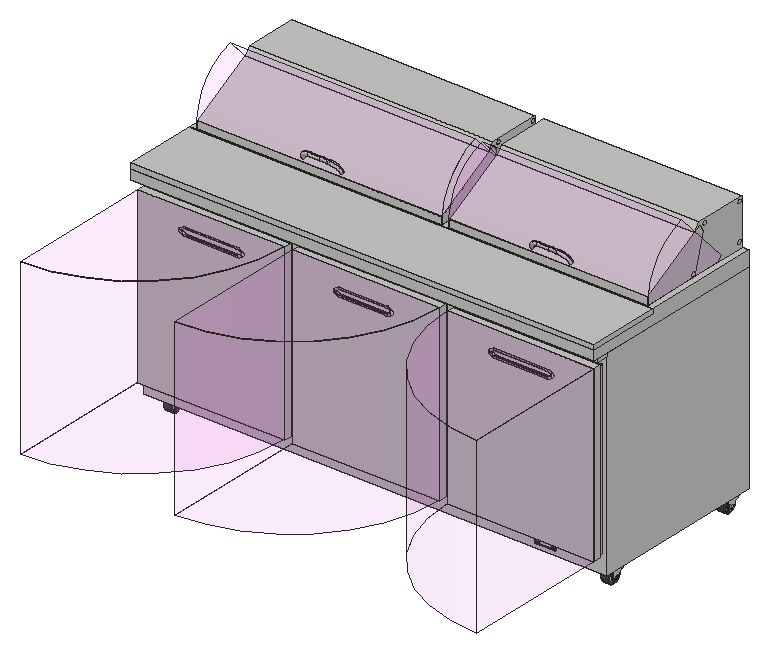
Revit family "QF_Kelvinator_738258_KCHST70.18_3-Door_Sandwich_Salad_Prep_Table_70_Long", category Specialty Equipment, Revit 2021 (continued)
Definition of nested family "KCHST"
  Automatic sketch dimensions
    curve 35 to curve 37 = 0.02957"
    curve 74 to curve 76 = 0.02957"
    curve 26 to curve 28 = 0.02957"
    curve 65 to curve 67 = 0.02957"
    plane 8 "Center X" to curve 46 = 5.19872"
    plane 8 "Center X" to curve 81 = 5.19872"
    plane 8 "Center X" to curve 94 = 5.19872"
    curve 11 to curve 94 = 0.000"
    curve 94 to curve 93 = 0.500"
    curve 11 to curve 42 = 0.500"
    curve 81 to curve 80 = 0.500"
    curve 46 to curve 55 = 0.500"
    curve 93 to curve 92 = 0.26393"
    curve 45 to curve 44 = 0.26393"
    curve 77 to curve 89 = 1.325"
    curve 77 to curve 95 = 1.325"
    curve 7 to curve 54 = 1.325"
    curve 41 to curve 95 = 0.000"
    curve 95 to curve 97 = 0.12625"
    curve 47 to curve 53 = 0.12625"
    curve 12 to curve 14 = 0.16107"
    curve 82 to curve 88 = 0.16107"
    curve 97 to curve 101 = 0.500"
    curve 84 to curve 88 = 0.500"
    curve 14 to curve 15 = 0.500"
    plane 1 "BACK" to curve 91 = 0.76178"
    plane 1 "BACK" to curve 43 = 0.76178"
    plane 1 "BACK" to curve 104 = 0.2966"
    plane 1 "BACK" to curve 87 = 0.26178"
    plane 1 "BACK" to curve 52 = 0.26178"
    plane 1 "BACK" to curve 43 = 0.26178"
    curve 36 to curve 34 = 0.000"
    curve 6 to plane 11 = 0.250"
    curve 27 to curve 28 = 0.000"
    curve 38 to plane 11 = 0.250"
    curve 112 to curve 108 = 0.000"
    curve 75 to curve 73 = 0.000"
    curve 66 to curve 67 = 0.000"
    curve 105 to plane 11 = 0.250"
    curve 111 to plane 24 = 0.0259"
    curve 8 to curve 12 = 0.57715"
    curve 78 to curve 82 = 0.57715"
    curve 8 to curve 13 = 0.14464"
    curve 78 to curve 83 = 0.14464"
    curve 78 to curve 96 = 0.14464"
    curve 8 to curve 48 = 0.14464"
    curve 49 to curve 53 = 0.500"
    curve 53 to curve 50 = 0.03482"
    curve 99 to curve 100 = 0.500"
    curve 51 to curve 52 = 0.53482"
    curve 51 to curve 56 = 0.03482"
    curve 99 to curve 104 = 0.03482"
    Extrusion 56 sketch curve to Extrusion 28 = 0.000"  (x3)
    Extrusion 56 sketch curve to Extrusion 28 = 6.53015"
    Extrusion 56 sketch curve to Extrusion 28 = 0.51243"
    Extrusion 56 sketch curve to Extrusion 28 = 8.75294"
    Extrusion 56 sketch curve to Extrusion 56 sketch curve = 4.72278"
    Extrusion 56 sketch curve to Extrusion 28 = 0.67437"
    Extrusion 55 sketch curve to Extrusion 39 = 0.000"  (x3)
    Extrusion 55 sketch curve to Extrusion 39 = 6.53015"
    Extrusion 55 sketch curve to Extrusion 39 = 0.51243"
    Extrusion 55 sketch curve to Extrusion 39 = 8.75294"
    Extrusion 55 sketch curve to Extrusion 55 sketch curve = 4.72278"
    Extrusion 55 sketch curve to Extrusion 39 = 0.67437"
    radius of Extrusion 9 sketch curve = 0.250"
    radius of Extrusion 30 sketch curve = 0.250"
    radius of Extrusion 31 sketch curve = 0.250"
    radius of Extrusion 32 sketch curve = 0.250"
    radius of Extrusion 33 sketch curve = 0.250"
    radius of Extrusion 34 sketch curve = 0.250"
    radius of Extrusion 35 sketch curve = 0.250"
    radius of Extrusion 36 sketch curve = 0.250"
    radius of Extrusion 37 sketch curve = 0.250"
    radius of Sweep 38 sketch curve = 0.250"
    radius of Extrusion 41 sketch curve = 0.250"
    radius of Extrusion 42 sketch curve = 0.250"
    radius of Extrusion 43 sketch curve = 0.250"
    radius of Extrusion 44 sketch curve = 0.250"
    radius of Extrusion 45 sketch curve = 0.250"
    radius of Extrusion 46 sketch curve = 0.250"
    radius of Extrusion 47 sketch curve = 0.250"
    radius of Extrusion 48 sketch curve = 0.250"
    radius of Sweep 49 sketch curve = 0.250"
    radius of Extrusion 50 sketch curve = 0.250"
    radius of Extrusion 51 sketch curve = 0.250"
    radius of Extrusion 52 sketch curve = 0.250"
    radius of Extrusion 53 sketch curve = 0.250"
  Nested families (in)
    nested 1: "3 INCHES 01_CASTER" at (69.732, -24.75, 0), type "3 INCHES 01_CASTER"
      with Type Mark "", Specification by User "", Revision Code "", Item Number "", Installed By "", Identify Quantity as Lot yes, Furnished By "", Foodservice Equipment Identifier yes, 3 Inches Caster yes
    nested 2: "3 INCHES 01_CASTER" at (2, -24.75, 0), type "3 INCHES 01_CASTER"
      with Type Mark "", Specification by User "", Revision Code "", Item Number "", Installed By "", Identify Quantity as Lot yes, Furnished By "", Foodservice Equipment Identifier yes, 3 Inches Caster yes
    nested 3: "3 INCHES 01_CASTER" at (69.732, -2.375, 0), type "3 INCHES 01_CASTER"
      with Type Mark "", Specification by User "", Revision Code "", Item Number "", Installed By "", Identify Quantity as Lot yes, Furnished By "", Foodservice Equipment Identifier yes, 3 Inches Caster yes
    nested 4: "3 INCHES 01_CASTER" at (2, -2.375, 0), type "3 INCHES 01_CASTER"
      with Type Mark "", Specification by User "", Revision Code "", Item Number "", Installed By "", Identify Quantity as Lot yes, Furnished By "", Foodservice Equipment Identifier yes, 3 Inches Caster yes
  Definition of nested family "3 INCHES 01_CASTER"
    Parameters (values of type "3 INCHES 01_CASTER")
      Weight = ""
      URL Manufacturer = ""
      URL Cutsheet = ""
      URL = ""
      Type Mark [instance] = ""
      Specification by User [instance] = ""
      Specification by Manufacturer = ""
      Serial Number = ""
      Seismic Rating = ""
      SMACNA No = ""
      Revision Code [instance] = ""
      Omniclass Number and Title = ""
      NAFEM Spec ID Number = ""
      Model = ""
      MasterSpec. = ""
      Manufacturer = ""
      Item Number [instance] = ""
      Installed By [instance] = ""
      Identify Quantity as Lot [instance] = yes
      Furnished By [instance] = ""
      Foodservice Equipment Identifier [instance] = yes
      Description = ""
      Default Elevation = 0.000"
      CSI MasterFormat = ""
      CSI Master Format = ""
      Assembly Code = ""
      3 Inches Caster [instance] = yes
    Reference planes (in)
      plane 1: z = 0
      plane 2 "RIGHT": x = 0
      plane 3 "FRONT": y = 0
      plane 4 "TOP": z = 3.1
    Forms (in)
      Revolve 1, solid, visible <- "3 Inches Caster"
        sketch origin (-1.93794, 0.56004, -1.0041) x (1, 0, 0) y (0, 0, 1)
          loop
            line (0.74055, 2.11347) -> (0.74055, 2.03797) -> (0.79055, 1.98797) -> (0.85055, 1.98797) -> (0.85055, 1.8679) -> (1.235, 1.8679) -> (1.235, 1.7068) -> (1.36441, 1.63209) -> (1.4003, 1.41035) -> (1.34375, 1.41035) -> (1.34375, 1.28535) -> (1.375, 1.28535) -> (1.375, 1.0041) -> (2.48438, 1.0041) -> (2.48438, 1.28535) -> (2.51563, 1.28535) -> (2.51563, 1.41035) -> (2.45908, 1.41035) -> (2.49553, 1.6356) -> (2.62438, 1.70999) -> (2.62438, 1.8679) -> (3.04007, 1.8679) -> (3.04007, 1.98797) -> (3.10007, 1.98797) -> (3.15007, 2.03797) -> (3.15007, 2.11347) -> (0.74055, 2.11347)
          axis (0.74055, 2.11347) -> (3.15007, 2.11347)
        angle from 0 to 360
      Extrusion 2, solid, visible <- "3 Inches Caster"
        sketch origin (-1.93794, 1.35294, -3.2541) x (0, 1, 0) y (0, 0, 1)
          loop
            line (-0.41094, 5.86793) -> (-0.41094, 6.01276) -> (-2.29494, 6.01276) -> (-2.29494, 5.71244) -> (-1.82301, 5.71244)
            arc (-1.82301, 5.71244) -> (-1.00307, 5.59865) -> (-0.19592, 5.41488) r 9.6332
            arc (-0.19592, 5.41488) -> (0.12646, 5.29481) -> (0.42224, 5.11916) r 1.92059
            line (0.42224, 5.11916) -> (0.51314, 5.245)
            arc (0.51314, 5.245) -> (0.27353, 5.42569) -> (0.01201, 5.5729) r 2.25036
            line (0.01201, 5.5729) -> (0.09371, 5.71426)
            arc (0.09371, 5.71426) -> (-0.15272, 5.81043) -> (-0.41094, 5.86793) r 1.73151
        from 1.17357 to 2.70231
      Revolve 3, solid, visible <- "3 Inches Caster"
        sketch origin (0, 1.73858, -3.25) x (0, 1, 0) y (0, 0, 1)
          loop
            line (-1.73858, 6.35) -> (-1.73858, 6.00866) -> (-0.93293, 6.00866) -> (-0.93293, 6.35) -> (-1.73858, 6.35)
          axis (-1.73858, 6.00866) -> (-1.73858, 6.35)
        angle from 0 to 360
      Extrusion 4, solid, visible <- "3 Inches Caster"
        sketch origin (-1.98481, 1.35294, -1.7541) x (0, 1, 0) y (0, 0, 1)
          loop
            line (-2.29494, 4.51276) -> (-2.29494, 4.21244) -> (-2.2074, 4.21244)
            arc (-2.2074, 4.21244) -> (-1.58796, 3.87196) -> (-1.3103, 3.22193) r 1.0835
            arc (-1.3103, 3.22193) -> (-1.27304, 2.98711) -> (-1.19616, 2.76214) r 1.38462
            arc (-1.19616, 2.76214) -> (-0.77704, 2.49744) -> (-0.37393, 2.78593) r 0.44401
            arc (-0.37393, 2.78593) -> (-0.35491, 2.84407) -> (-0.34077, 2.90358) r 0.74034
            arc (-0.34077, 2.90358) -> (-0.07302, 3.38916) -> (0.4279, 3.62699) r 0.90376
            line (0.4279, 3.62699) -> (0.51314, 3.745)
            arc (0.51314, 3.745) -> (0.27353, 3.92569) -> (0.01201, 4.0729) r 2.25036
            line (0.01201, 4.0729) -> (0.09371, 4.21426)
            arc (0.09371, 4.21426) -> (-0.15272, 4.31043) -> (-0.41094, 4.36793) r 1.73151
            line (-0.41094, 4.36793) -> (-0.41094, 4.51276) -> (-2.29494, 4.51276)
        from 2.74918 to 2.90825
      Extrusion 5, solid, visible <- "3 Inches Caster"
        sketch origin (1.98481, 1.35294, -1.7541) x (0, 1, 0) y (0, 0, -1)
          loop
            line (-2.29494, -4.51276) -> (-0.41094, -4.51276) -> (-0.41094, -4.36793)
            arc (-0.41094, -4.36793) -> (-0.15272, -4.31043) -> (0.09371, -4.21426) r 1.73151
            line (0.09371, -4.21426) -> (0.01201, -4.0729)
            arc (0.01201, -4.0729) -> (0.27353, -3.92569) -> (0.51314, -3.745) r 2.25036
            line (0.51314, -3.745) -> (0.4279, -3.62699)
            arc (0.4279, -3.62699) -> (-0.07302, -3.38916) -> (-0.34077, -2.90358) r 0.90376
            arc (-0.34077, -2.90358) -> (-0.35491, -2.84407) -> (-0.37393, -2.78593) r 0.74034
            arc (-0.37393, -2.78593) -> (-0.77704, -2.49744) -> (-1.19616, -2.76214) r 0.44401
            arc (-1.19616, -2.76214) -> (-1.27304, -2.98711) -> (-1.3103, -3.22193) r 1.38462
            arc (-1.3103, -3.22193) -> (-1.58796, -3.87196) -> (-2.2074, -4.21244) r 1.0835
            line (-2.2074, -4.21244) -> (-2.29494, -4.21244) -> (-2.29494, -4.51276)
        from 2.74918 to 2.90825
    Cuts and joins
      joined: Extrusion 2, Extrusion 4, Extrusion 5
    Lines and regions (in)
      symbolic lines, visible <- "3 Inches Caster"
        curve 1: line (0.1877, 1.65194, 0) -> (0.89063, 1.2461, 0)
        curve 2: line (-1.00175, -0.40823, 0) -> (0.1877, 1.65194, 0)
        curve 3: line (-0.29881, -0.81407, 0) -> (-1.00175, -0.40823, 0)
        curve 4: line (0.89063, 1.2461, 0) -> (-0.29881, -0.81407, 0)
    Dimensions and locks (in)
      plane 4 "TOP" to level = 3.100"  (x2)
      aligned and locked: level to plane 1
